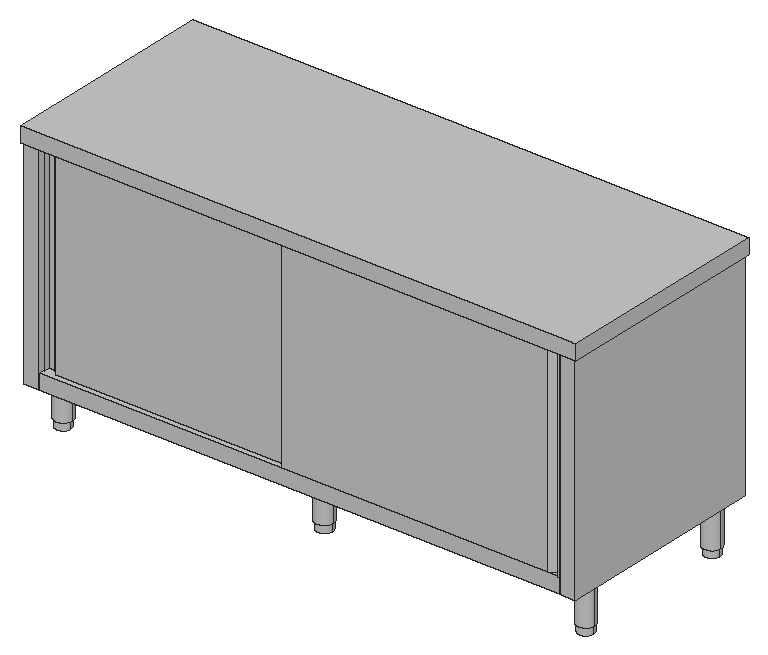
Revit family "QF_ELECTROLUXPROFESSIONAL_132774_MTN1800PN", category Specialty Equipment, Revit 2021
Family settings
  Round Connector Dimension = Use Diameter
  Part Type = Normal
  Work Plane-Based = No
  Always vertical = Yes
  Cut with Voids When Loaded = No
  Shared = No
  Room Calculation Point = No
Parameters (values of type "Standard")
  Weight = 70.00 kg
  Watts = 0 W
  Volts = 0 V
  URL Manufacturer = "http://www.electroluxprofessional.com"
  URL = "http://www.electroluxprofessional.com"
  Steam Supply Size = 0 mm
  Steam Supply Minimum Pressure = 0.0 Pa
  Steam Supply Maximum Pressure = 0.0 Pa
  Steam Consumption per Hour = 0
  Refrigeration Suction Line Size = 0.0 mm
  Refrigeration Liquid Line Size = 0.0 mm
  Refrigerant Compressor Remote = yes
  Default Elevation = 0.0 mm
  Manufacturer = "Electrolux Professional"
  Phase = 0
  Model = "MTN1800PN"
  Length Actual = 1800.0 mm
  Item Number = "132774"
  Hot Water Size = 0 mm
  Height Actual = 900.0 mm
  HP = "0 HP"
  Gas Size = 0 mm
  Gas KW = 0
  Gas Input Pressure = 0 W
  Direct Waste Size = 0 mm
  Description = "WORKTOP CUPB.+SHELF+SLIDING DOORS 1800MM"
  Depth Actual = 700.0 mm
  Cycle = 0 Hz
  Condensate Return Size = 0 mm
  Compressed Air Volume = 0.0 L/s
  Compressed Air Size = 0 mm
  Compressed Air Pressure = 0.0 Pa
  Cold Water Size = 0 mm
  Accessory = no
Reference planes
  plane 1 "Center (Front/Back)": y = 0
  plane 2: z = 0
  plane 3 "Center (Left/Right)": x = -400
  plane 4 "LEFT": x = -1300
  plane 5 "RIGHT": x = 500
  plane 6 "BACK": y = 350
  plane 7 "FRONT": y = -350
  plane 8 "Base": z = 850
  plane 9 "TOP": z = 900
  plane 10: x = -1246.9
  plane 11: x = 446.9
  plane 12: y = 270
  plane 13: y = -241.9
  plane 14 "BodyLeft": x = -1294.5
  plane 15 "BodyFront": y = -344.5
  plane 16 "BodyRight": x = 494.5
  plane 17 "BodyBack": y = 344.5
  plane 18 "FEET": z = 150
  plane 19: x = -344.5
  plane 20: x = -455.5
Forms (mm)
  Extrusion 1, solid, material "QF_Finishes_Stainless Steel"
    sketch origin (-400, 0, 0) x (0, 1, 0) y (0, 0, 1)
      loop
        line (-350, 850) -> (350, 850) -> (350, 900) -> (-350, 900) -> (-350, 850)
    from 900 to -900
  Extrusion 2, solid, material "QF_Finishes_Stainless Steel"
    sketch origin (0, 0, 150) x (-1, 0, 0) y (0, -1, 0)
      loop
        line (1294.5, -344.5) -> (1294.5, 344.5) -> (1244.5, 344.5) -> (1244.5, -344.5) -> (1294.5, -344.5)
      loop
        line (-444.5, -344.5) -> (-444.5, 344.5) -> (-494.5, 344.5) -> (-494.5, -344.5) -> (-444.5, -344.5)
    from 0 to 700
  Extrusion 3, solid, material "QF_Finishes_Stainless Steel"
    sketch origin (0, 0, 150) x (-1, 0, 0) y (0, -1, 0)
      loop
        line (1243.585, -344.5) -> (1243.585, 344.5) -> (-444.5, 344.5) -> (-444.5, -344.5) -> (1243.585, -344.5)
    from 0 to 50
  Extrusion 4, solid, material "QF_Finishes_Stainless Steel"
    sketch origin (0, 0, 150) x (-1, 0, 0) y (0, -1, 0)
      loop
        line (1243.585, -344.5) -> (1243.585, -294.5) -> (-444.5, -294.5) -> (-444.5, -344.5) -> (1243.585, -344.5)
    from 50 to 700
  Extrusion 5, solid, material "QF_Finishes_Stainless Steel"
    sketch origin (0, 0, 150) x (-1, 0, 0) y (0, -1, 0)
      loop
        line (-444.5, 344.5) -> (-444.5, 324.5) -> (455.5, 324.5) -> (455.5, 344.5) -> (-404.5, 344.5) -> (-424.5, 329.5) -> (-439.5, 329.5) -> (-439.5, 344.5) -> (-444.5, 344.5)
    from 50 to 700
  Extrusion 6, solid, material "QF_Finishes_Stainless Steel"
    sketch origin (0, 20, 150) x (1, 0, 0) y (0, 1, 0)
      loop
        line (-1244.5, -344.5) -> (-1239.5, -344.5) -> (-1239.5, -329.5) -> (-1224.5, -329.5) -> (-1204.5, -344.5) -> (-344.5, -344.5) -> (-344.5, -324.5) -> (-1244.5, -324.5) -> (-1244.5, -344.5)
    from 50 to 700
Lines and regions (mm)
  symbolic lines
    curve 1: line (500, 350, 900) -> (-1300, 350, 900)
    curve 2: line (-1300, 350, 900) -> (-1300, -350, 900)
    curve 3: line (-1300, -350, 900) -> (500, -350, 900)
    curve 4: line (500, -350, 900) -> (500, 350, 900)
  symbolic lines, style "SpecialityEquipmentHiddenLines"
    curve 5: line (-1294.5, 344.5, 150) -> (494.5, 344.5, 150)
    curve 6: line (-1294.5, -344.5, 150) -> (-1294.5, 344.5, 150)
    curve 7: line (494.5, -344.5, 150) -> (-1294.5, -344.5, 150)
    curve 8: line (494.5, 344.5, 150) -> (494.5, -344.5, 150)
    curve 9: line (-1244.5, -304.5, 150) -> (-344.5, -304.5, 150)
    curve 10: line (-344.5, -304.5, 150) -> (-344.5, -324.5, 150)
    curve 11: line (-1244.5, -324.5, 150) -> (444.5, -324.5, 150)
    curve 12: line (444.5, -324.5, 150) -> (444.5, -344.5, 150)
    curve 13: line (-455.5, -324.5, 150) -> (-455.5, -344.5, 150)
    curve 14: line (-1244.5, -304.5, 150) -> (-1244.5, -324.5, 150)
Dimensions and locks
  plane 4 "LEFT" to plane 5 "RIGHT" = 1800.0 mm
  equal spacing: plane 4 "LEFT", plane 3 "Center (Left/Right)", plane 5 "RIGHT"
  locked: plane 8 "Base" to level at 850
  plane 9 "TOP" to level = 900.0 mm
  plane 6 "BACK" to plane 7 "FRONT" = 700.0 mm
  equal spacing: plane 6 "BACK", plane 1 "Center (Front/Back)", plane 7 "FRONT"
  locked: plane 4 "LEFT" to plane 14 "BodyLeft" at 5.5
  locked: plane 16 "BodyRight" to plane 5 "RIGHT" at 5.5
  locked: plane 15 "BodyFront" to plane 7 "FRONT" at 5.5
  locked: plane 6 "BACK" to plane 17 "BodyBack" at 5.5
  locked: plane 14 "BodyLeft" to plane 10 at 47.6
  locked: plane 11 to plane 16 "BodyRight" at 47.6
  locked: plane 13 to plane 15 "BodyFront" at 102.6
  locked: plane 17 "BodyBack" to plane 12 at 74.5
  plane 10 to plane 11 = 1693.8 mm
  plane 12 to plane 13 = 511.9 mm
  locked: plane 14 "BodyLeft" to Extrusion 2 sketch curve at 50
  locked: Extrusion 2 sketch curve to Extrusion 2 sketch curve at 50
  Extrusion 3 to Extrusion 4 sketch curve = 50.0 mm
  Extrusion 2 to plane 19 = 900.0 mm
  plane 20 to Extrusion 2 = 900.0 mm
  locked: plane 18 "FEET" to level at 150
  aligned and locked: level to plane 2
  aligned and locked: plane 10 to nested 1
  aligned and locked: nested 1 to plane 13
  aligned and locked: plane 11 to nested 2
  aligned and locked: nested 2 to plane 13
  aligned and locked: plane 11 to nested 4
  aligned and locked: nested 4 to plane 12
  aligned and locked: plane 10 to nested 3
  aligned and locked: nested 3 to plane 12
  aligned and locked: Extrusion 1 to plane 4 "LEFT"
  aligned and locked: plane 5 "RIGHT" to Extrusion 1
  aligned and locked: curve 2 to plane 4 "LEFT"
  aligned and locked: plane 17 "BodyBack" to Extrusion 2 sketch curve
  aligned and locked: Extrusion 2 sketch curve to plane 15 "BodyFront"
  aligned and locked: Extrusion 2 sketch curve to plane 14 "BodyLeft"
  aligned and locked: plane 16 "BodyRight" to Extrusion 2 sketch curve
  aligned and locked: Extrusion 2 sketch curve to plane 17 "BodyBack"
  aligned and locked: plane 15 "BodyFront" to Extrusion 2 sketch curve
  aligned and locked: Extrusion 3 sketch curve to plane 17 "BodyBack"
  aligned and locked: plane 15 "BodyFront" to Extrusion 3 sketch curve
  aligned and locked: plane 8 "Base" to Extrusion 2
  aligned and locked: Extrusion 4 sketch curve to Extrusion 3
  aligned and locked: plane 8 "Base" to Extrusion 5
  aligned and locked: Extrusion 5 to Extrusion 3
  aligned and locked: Extrusion 6 sketch curve to plane 19
  aligned and locked: Extrusion 5 sketch curve to plane 20
  aligned and locked: Extrusion 1 to plane 8 "Base"
  aligned and locked: plane 9 "TOP" to Extrusion 1
  aligned and locked: curve 5 to plane 17 "BodyBack"
  aligned and locked: plane 14 "BodyLeft" to curve 6
  aligned and locked: plane 15 "BodyFront" to curve 7
  aligned and locked: plane 16 "BodyRight" to curve 8
  aligned and locked: plane 3 "Center (Left/Right)" to nested 5
  aligned and locked: plane 3 "Center (Left/Right)" to nested 6
Automatic sketch dimensions
  curve 3 to plane 7 "FRONT" = 0.0 mm
  curve 4 to plane 6 "BACK" = 0.0 mm
  Extrusion 1 sketch curve to plane 7 "FRONT" = 0.0 mm
  plane 9 "TOP" to Extrusion 1 sketch curve = 0.0 mm
  Extrusion 1 sketch curve to plane 6 "BACK" = 0.0 mm
  Extrusion 1 sketch curve to plane 8 "Base" = 0.0 mm
  Extrusion 5 sketch curve to plane 15 "BodyFront" = 0.0 mm  (x2)
  Extrusion 5 sketch curve to plane 11 = 2.4 mm
  Extrusion 5 sketch curve to Extrusion 5 sketch curve = 5.0 mm
  Extrusion 5 sketch curve to Extrusion 5 sketch curve = 15.0 mm
  Extrusion 5 sketch curve to Extrusion 5 sketch curve = 20.0 mm
  plane 15 "BodyFront" to Extrusion 5 sketch curve = 15.0 mm
  plane 15 "BodyFront" to Extrusion 5 sketch curve = 20.0 mm
  Extrusion 6 sketch curve to plane 15 "BodyFront" = 20.0 mm  (x2)
  Extrusion 6 sketch curve to plane 10 = 2.4 mm
  Extrusion 6 sketch curve to Extrusion 6 sketch curve = 5.0 mm
  Extrusion 6 sketch curve to Extrusion 6 sketch curve = 15.0 mm
  Extrusion 6 sketch curve to Extrusion 6 sketch curve = 20.0 mm  (x2)
  Extrusion 6 sketch curve to plane 15 "BodyFront" = 35.0 mm
  Extrusion 3 sketch curve to plane 11 = 2.4 mm
  plane 10 to Extrusion 3 sketch curve = 3.315 mm
  Extrusion 4 sketch curve to plane 11 = 2.4 mm
  plane 10 to Extrusion 4 sketch curve = 3.315 mm
  curve 10 to plane 19 = 0.0 mm
  curve 13 to plane 20 = 0.0 mm
  curve 11 to plane 11 = 2.4 mm
  plane 15 "BodyFront" to curve 9 = 40.0 mm
  curve 12 to curve 12 = 20.0 mm
  plane 10 to curve 14 = 2.4 mm
  curve 4 to plane 5 "RIGHT" = 0.0 mm
Nested families
  nested 1: "FEET_D58-150" at (-1246.9, -241.9, 0), type "FEET_D58-150"
  nested 2: "FEET_D58-150" at (446.9, -241.9, 0), type "FEET_D58-150"
  nested 3: "FEET_D58-150" at (-1246.9, 270, 0), type "FEET_D58-150"
  nested 4: "FEET_D58-150" at (446.9, 270, 0), type "FEET_D58-150"
  nested 5: "FEET_D58-150" at (-400, -241.9, 0), type "FEET_D58-150"
  nested 6: "FEET_D58-150" at (-400, 270, 0), type "FEET_D58-150"
Definition of nested family "FEET_D58-150"
  Parameters
    Default Elevation = 0.0 mm
    FEET = 150.0 mm
  Reference planes
    plane 1 "Center (Front/Back)": y = 0
    plane 2: z = 0
    plane 3 "Center (Left/Right)": x = 0
    plane 4: z = 150
  Forms (mm)
    Extrusion 1, solid
      sketch origin (0, 0, 0) x (1, 0, 0) y (0, 1, 0)
        loop
          circle (0, 0) r 25
      from 0 to 25
    Extrusion 2, solid
      sketch origin (0, 0, 0) x (1, 0, 0) y (0, 1, 0)
        loop
          circle (0.061, 0) r 29
      from 25 to 150 <- "FEET"
  Lines and regions (mm)
    symbolic lines
      curve 1: line (0, -1.503, 0) -> (0, 1.508, 0)
      curve 2: line (1.561, 0, 0) -> (-1.439, 0, 0)
  Dimensions and locks
    "FEET": plane 4 to plane 2
    aligned and locked: level to plane 2
  Automatic sketch dimensions
    plane 1 "Center (Front/Back)" to Extrusion 1 sketch curve = 0.0 mm
    Extrusion 1 sketch curve to plane 3 "Center (Left/Right)" = 0.0 mm
    plane 1 "Center (Front/Back)" to curve 2 = 0.0 mm
    curve 1 to plane 3 "Center (Left/Right)" = 0.0 mm
    curve 2 to plane 3 "Center (Left/Right)" = 1.439 mm
    plane 3 "Center (Left/Right)" to curve 2 = 1.561 mm
    plane 1 "Center (Front/Back)" to curve 1 = 1.503 mm
    curve 1 to plane 1 "Center (Front/Back)" = 1.508 mm
    plane 1 "Center (Front/Back)" to Extrusion 2 sketch curve = 0.0 mm
    plane 3 "Center (Left/Right)" to Extrusion 2 sketch curve = 0.061 mm
    radius of Extrusion 1 sketch curve = 25.0 mm
    radius of Extrusion 2 sketch curve = 29.0 mm
